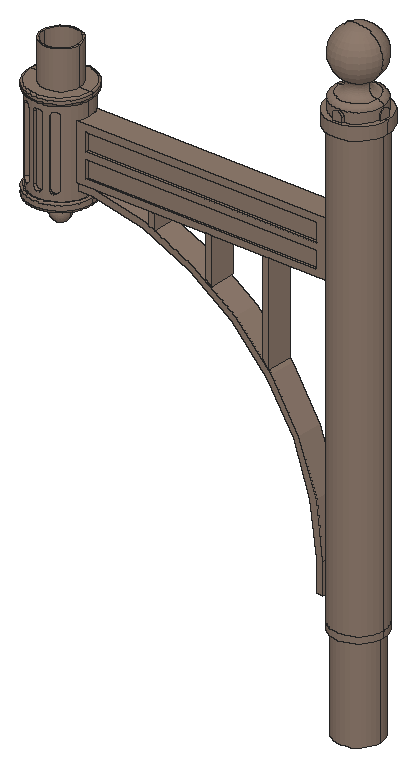
Revit family "PA857", category Generic Models, Revit 2014
Parameters
  TENON = Bronze, Architectural
  OUTLET = Bronze, Architectural
  FINIAL 2 = Bronze, Architectural
  FINIAL = Bronze, Architectural
  BODY = Bronze, Architectural
  ARM = Bronze, Architectural
Reference planes (in)
  plane 1 "Center (Front/Back)": y = 0
  plane 2: z = 0
  plane 3 "Center (Left/Right)": x = 0
Forms (in)
  Revolve 1, solid, material "Bronze, Architectural" <- "TENON"
    sketch origin (0, 0, 0) x (1, 0, 0) y (0, 0, 1)
      loop
        line (-2, 8) -> (-2, 7.5) -> (-1.75, 7.5) -> (-1.75, 0) -> (0, 0) -> (0, 8) -> (-2, 8)
      axis (0, 8) -> (0, 0)
    angle from 0 to 360
  Revolve 2, solid, material "Bronze, Architectural" <- "BODY"
    sketch origin (0, 0, 0) x (1, 0, 0) y (0, 0, 1)
      loop
        line (-2, 8) -> (0, 8) -> (0, 44) -> (-2, 44) -> (-2, 8)
      axis (0, 8) -> (0, 44)
    angle from 0 to 360
  Revolve 3, solid, material "Bronze, Architectural" <- "FINIAL"
    sketch origin (-38.67334, 0, -10.26712) x (1, 0, 0) y (0, 0, 1)
      loop
        arc (37.54818, 56.88226) -> (37.79661, 56.13748) -> (37.15574, 55.68393) r 0.65872
        arc (37.15574, 55.68393) -> (36.86407, 55.57514) -> (36.71492, 55.3019) r 0.44534
        line (36.71492, 55.3019) -> (36.71492, 54.50668) -> (36.33257, 54.50668) -> (36.33257, 53.50668) -> (38.67334, 53.50668) -> (38.67334, 60.50624)
        arc (38.67334, 60.50624) -> (36.80486, 59.0997) -> (37.54818, 56.88226) r 2
      axis (38.67334, 60.50624) -> (38.67334, 53.50668)
    angle from 0 to 360
  Revolve 4, solid, material "Bronze, Architectural" <- "ARM"
    sketch origin (-55.85969, 0, -6.53125) x (1, 0, 0) y (0, 0, 1)
      loop
        line (32.35963, 44.55106) -> (29.98463, 44.55106)
        arc (29.98463, 44.55106) -> (29.89624, 44.51445) -> (29.85963, 44.42606) r 0.125
        line (29.85963, 44.42606) -> (29.85963, 44.17606)
        arc (29.85963, 44.17606) -> (29.89624, 44.08767) -> (29.98463, 44.05106) r 0.125
        line (29.98463, 44.05106) -> (30.10963, 44.05106) -> (30.10963, 37.17606) -> (29.98463, 37.17606)
        arc (29.98463, 37.17606) -> (29.89624, 37.13945) -> (29.85963, 37.05106) r 0.125
        line (29.85963, 37.05106) -> (29.85963, 36.64014)
        arc (29.85963, 36.64014) -> (29.88283, 36.5676) -> (29.94383, 36.52199) r 0.125
        line (29.94383, 36.52199) -> (31.8252, 35.87235)
        arc (31.8252, 35.87235) -> (31.66784, 35.05645) -> (32.35963, 34.59615) r 0.75
        line (32.35963, 34.59615) -> (32.35963, 44.55106)
      axis (32.35963, 34.59615) -> (32.35963, 44.55106)
    angle from 0 to 360
  Extrusion 5, solid, material "Bronze, Architectural" <- "ARM"
    sketch origin (-55.86035, 0, -6.53125) x (1, 0, 0) y (0, 0, 1)
      loop
        line (34.60963, 38.42606) -> (34.60963, 37.92606) -> (35.62288, 37.92606)
        arc (35.62288, 37.92606) -> (48.14004, 31.50598) -> (53.35963, 18.44258) r 20.05325
        line (53.35963, 18.44258) -> (53.35963, 16.04222) -> (53.85963, 16.04222) -> (53.85963, 18.44258)
        arc (53.85963, 18.44258) -> (48.50363, 31.84932) -> (35.65162, 38.42606) r 20.55303
        line (35.65162, 38.42606) -> (34.60963, 38.42606)
    from -1 to 1
  Extrusion 6, solid, material "Bronze, Architectural" <- "ARM"
    sketch origin (-55.86035, 0, -6.53125) x (1, 0, 0) y (0, 0, 1)
      loop
        arc (49.10963, 31.15348) -> (49.36267, 30.8433) -> (49.60963, 30.52826) r 20.55303
        line (49.60963, 30.52826) -> (49.60963, 38.42606) -> (49.10963, 38.42606) -> (49.10963, 31.15348)
      loop
        arc (44.60963, 35.17567) -> (44.86088, 35.00767) -> (45.10963, 34.836) r 20.55303
        line (45.10963, 34.836) -> (45.10963, 38.42606) -> (44.60963, 38.42606) -> (44.60963, 35.17567)
      loop
        arc (40.10963, 37.40282) -> (40.36022, 37.31316) -> (40.60963, 37.22026) r 20.55303
        line (40.60963, 37.22026) -> (40.60963, 38.42606) -> (40.10963, 38.42606) -> (40.10963, 37.40282)
    from -1 to 1
  Extrusion 7, solid, material "Bronze, Architectural" <- "ARM"
    sketch origin (-55.86035, 0, -6.53125) x (1, 0, 0) y (0, 0, 1)
      loop
        line (55.86035, 38.42606) -> (55.86035, 42.80106) -> (33.11035, 42.80106) -> (33.11035, 38.42606) -> (55.86035, 38.42606)
    from -1 to 1
  Revolve 8, solid, material "Bronze, Architectural" <- "OUTLET"
    sketch origin (-31.16157, 0, 0.45978) x (1, 0, 0) y (0, 0, 1)
      loop
        line (7.66151, 37.56015) -> (7.66151, 40.56015) -> (6.16151, 40.56015) -> (6.16151, 37.56015) -> (7.66151, 37.56015)
      axis (7.66151, 40.56015) -> (7.66151, 37.56015)
    angle from 0 to 360
  Extrusion 9, void
    sketch origin (0, 0, 0.46875) x (1, 0, 0) y (0, 0, 1)
      loop
        line (-2.50803, 33.85886) -> (-2.50803, 35.29636) -> (-20.74969, 35.29636) -> (-20.74969, 33.85886) -> (-2.50803, 33.85886)
      loop
        line (-2.50803, 31.92136) -> (-2.50803, 33.35886) -> (-20.74969, 33.35886) -> (-20.74969, 31.92136) -> (-2.50803, 31.92136)
    from -1 to -0.75
  Extrusion 10, void
    sketch origin (0.00803, 0, 0.46875) x (1, 0, 0) y (0, 0, 1)
      loop
        line (-2.50803, 33.85886) -> (-2.50803, 35.29636) -> (-20.74969, 35.29636) -> (-20.74969, 33.85886) -> (-2.50803, 33.85886)
      loop
        line (-2.50803, 31.92136) -> (-2.50803, 33.35886) -> (-20.74969, 33.35886) -> (-20.74969, 31.92136) -> (-2.50803, 31.92136)
    from 0.75 to 1
  Extrusion 11, void
    sketch origin (0.57804, 0, 0.46875) x (1, 0, 0) y (0, 0, 1)
      loop
        arc (-23.71583, 36.17136) -> (-24.07805, 36.53358) -> (-24.44028, 36.17136) r 0.36222
        line (-24.44028, 36.17136) -> (-24.44028, 31.01985)
        arc (-24.44028, 31.01985) -> (-24.07805, 30.65763) -> (-23.71583, 31.01985) r 0.36222
        line (-23.71583, 31.01985) -> (-23.71583, 36.17136)
    from -2.5 to -2.04997
  Extrusion 12, void
    sketch origin (-2.64781, 12.03903, 0.46875) x (0.866025, 0.5, 0) y (0, 0, 1)
      loop
        arc (-23.71583, 36.17136) -> (-24.07805, 36.53358) -> (-24.44028, 36.17136) r 0.36222
        line (-24.44028, 36.17136) -> (-24.44028, 31.01985)
        arc (-24.44028, 31.01985) -> (-24.07805, 30.65763) -> (-23.71583, 31.01985) r 0.36222
        line (-23.71583, 31.01985) -> (-23.71583, 36.17136)
    from -2.5 to -2.0643
  Extrusion 13, void
    sketch origin (-11.46099, 20.85221, 0.46875) x (0.5, 0.866025, 0) y (0, 0, 1)
      loop
        arc (-23.71583, 36.17136) -> (-24.07805, 36.53358) -> (-24.44028, 36.17136) r 0.36222
        line (-24.44028, 36.17136) -> (-24.44028, 31.01985)
        arc (-24.44028, 31.01985) -> (-24.07805, 30.65763) -> (-23.71583, 31.01985) r 0.36222
        line (-23.71583, 31.01985) -> (-23.71583, 36.17136)
    from -2.5 to -2.01872
  Extrusion 14, void
    sketch origin (-23.49966, 24.07805, 0.46875) x (0.000015, 1, 0) y (0, 0, 1)
      loop
        arc (-23.71583, 36.17136) -> (-24.07805, 36.53358) -> (-24.44028, 36.17136) r 0.36222
        line (-24.44028, 36.17136) -> (-24.44028, 31.01985)
        arc (-24.44028, 31.01985) -> (-24.07805, 30.65763) -> (-23.71583, 31.01985) r 0.36222
        line (-23.71583, 31.01985) -> (-23.71583, 36.17136)
    from -2.5 to -2.04972
  Extrusion 15, void
    sketch origin (-35.53905, 20.85221, 0.46875) x (-0.5, 0.866025, 0) y (0, 0, 1)
      loop
        arc (-23.71583, 36.17136) -> (-24.07805, 36.53358) -> (-24.44028, 36.17136) r 0.36222
        line (-24.44028, 36.17136) -> (-24.44028, 31.01985)
        arc (-24.44028, 31.01985) -> (-24.07805, 30.65763) -> (-23.71583, 31.01985) r 0.36222
        line (-23.71583, 31.01985) -> (-23.71583, 36.17136)
    from -2.5 to -1.97794
  Extrusion 16, void
    sketch origin (-44.35223, 12.03903, 0.46875) x (-0.866025, 0.5, 0) y (0, 0, 1)
      loop
        arc (-23.71583, 36.17136) -> (-24.07805, 36.53358) -> (-24.44028, 36.17136) r 0.36222
        line (-24.44028, 36.17136) -> (-24.44028, 31.01985)
        arc (-24.44028, 31.01985) -> (-24.07805, 30.65763) -> (-23.71583, 31.01985) r 0.36222
        line (-23.71583, 31.01985) -> (-23.71583, 36.17136)
    from -2.5 to -1.92594
  Extrusion 17, void
    sketch origin (-47.57807, 0.00074, 0.46875) x (-1, 0.000031, 0) y (0, 0, 1)
      loop
        arc (-23.71583, 36.17136) -> (-24.07805, 36.53358) -> (-24.44028, 36.17136) r 0.36222
        line (-24.44028, 36.17136) -> (-24.44028, 31.01985)
        arc (-24.44028, 31.01985) -> (-24.07805, 30.65763) -> (-23.71583, 31.01985) r 0.36222
        line (-23.71583, 31.01985) -> (-23.71583, 36.17136)
    from -2.5 to -2.00001
  Extrusion 18, void
    sketch origin (-2.64781, -12.03903, 0.46875) x (0.866025, -0.5, 0) y (0, 0, 1)
      loop
        arc (-23.71583, 36.17136) -> (-24.07805, 36.53358) -> (-24.44028, 36.17136) r 0.36222
        line (-24.44028, 36.17136) -> (-24.44028, 31.01985)
        arc (-24.44028, 31.01985) -> (-24.07805, 30.65763) -> (-23.71583, 31.01985) r 0.36222
        line (-23.71583, 31.01985) -> (-23.71583, 36.17136)
    from -2.5 to -2.07406
  Extrusion 19, void
    sketch origin (-44.35223, -12.03903, 0.46875) x (-0.866025, -0.5, 0) y (0, 0, 1)
      loop
        arc (-23.71583, 36.17136) -> (-24.07805, 36.53358) -> (-24.44028, 36.17136) r 0.36222
        line (-24.44028, 36.17136) -> (-24.44028, 31.01985)
        arc (-24.44028, 31.01985) -> (-24.07805, 30.65763) -> (-23.71583, 31.01985) r 0.36222
        line (-23.71583, 31.01985) -> (-23.71583, 36.17136)
    from -2.5 to -2
  Revolve 20, void
    sketch origin (0, 0, 0) x (1, 0, 0) y (0, 0, 1)
      loop
        line (-24.87507, 41.01993) -> (-24.87507, 37.51981) -> (-23.50007, 37.51981) -> (-23.50007, 41.01993) -> (-24.87507, 41.01993)
      axis (-23.50007, 41.01993) -> (-23.50007, 37.51981)
    angle from 0 to 360
  Revolve 21, void
    sketch origin (0, 0, 0) x (1, 0, 0) y (0, 0, 1)
      loop
        line (-1.3125, 0) -> (0, 0) -> (0, 8) -> (-1.3125, 8) -> (-1.3125, 0)
      axis (0, 8) -> (0, 0)
    angle from 0 to 360
  Extrusion 22, solid, material "Bronze, Architectural" <- "FINIAL 2"
    sketch origin (-38.12794, 0, -4.66272) x (1, 0, 0) y (0, 0, 1)
      loop
        line (38.50287, 48.90226) -> (38.50287, 49.27726)
        arc (38.50287, 49.27726) -> (38.39304, 49.54242) -> (38.12787, 49.65226) r 0.375
        arc (38.12787, 49.65226) -> (37.86271, 49.54242) -> (37.75287, 49.27726) r 0.375
        line (37.75287, 49.27726) -> (37.75287, 48.90226) -> (38.50287, 48.90226)
    from -2.08342 to 2.08342
  Extrusion 23, solid, material "Bronze, Architectural" <- "FINIAL 2"
    sketch origin (-0.00064, 38.12787, -4.66272) x (0.000015, -1, 0) y (0, 0, 1)
      loop
        line (38.50287, 48.90226) -> (38.50287, 49.27726)
        arc (38.50287, 49.27726) -> (38.39304, 49.54242) -> (38.12787, 49.65226) r 0.375
        arc (38.12787, 49.65226) -> (37.86271, 49.54242) -> (37.75287, 49.27726) r 0.375
        line (37.75287, 49.27726) -> (37.75287, 48.90226) -> (38.50287, 48.90226)
    from -2.08342 to 2.08342
Cuts and joins
  Extrusion 9, Extrusion 10 cuts Extrusion 7
  Extrusion 11, Extrusion 12, Extrusion 13, Extrusion 14, Extrusion 15, Extrusion 16, Extrusion 17, Extrusion 18, Extrusion 19, Revolve 20 cuts Revolve 4
  Revolve 20 cuts Revolve 8
  Revolve 21 cuts Revolve 1
  Revolve 21 cuts Revolve 2
Dimensions and locks (in)
  aligned and locked: plane 2 to level
